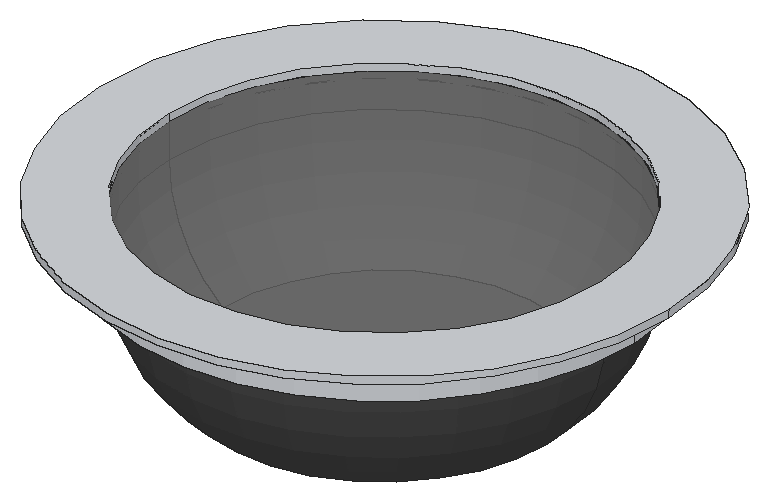
Revit family "3031801 Lighting Fixture_Sylvania_Syl-Lighter II_Ceiling Recessed", category Lighting Fixtures, host Face, Revit 2017
Family settings
  Host = Face
  Round Connector Dimension = Use Diameter
  Part Type = Normal
  OmniClass Number = 23.80.70.11.17
  OmniClass Title = Specialized Lighting by Location or Use
  Cut with Voids When Loaded = No
  Light Source = Yes
  Shared = No
  Room Calculation Point = No
Parameters (values of type "Syl-Lighter LED II 165 RO 12W NW")
  Weight = 0.45 kg
  Wattage = 11.494 W
  built-in parameter 1150110 = 1 (stored number, unit not read)
  Voltage Comments = "UNV (Universal Voltage; 220-240 Volt)"  # constant formula
  Voltage = 240 V  # constant formula
  URL = "http://www.sylvania-lighting.com"
  built-in parameter 1114217 = 1 (stored number, unit not read)
  Tilt Angle = -90.00°  # constant formula
  built-in parameter 1150109 = 1 (stored number, unit not read)
  built-in parameter 1150134 = 12
  Ta Rating = "-10°C to +40°C"  # constant formula
  built-in parameter 1150113 = 1 (stored number, unit not read)
  Recessed Depth = Height  # 45.0 mm
  IP Rating = "IP44"  # constant formula
  IK Rating = "IK07"  # constant formula
  Energy Class = "A++, A+, A"  # constant formula
  Dimmable = "DALI"  # constant formula
  Catalog Number = "3031801 Syl-Lighter LED II 165 RO 12W NW"
  Body Material = Metal_Sylvania_Syl-Lighter LED II_Silver
  Product Page URL = "http://www.sylvania-lighting.com/product/en-int/products/3031801"
  Product Family = "SYL-LIGHTER LED II"  # constant formula
  Photometry Comments = ""
  Photometric Web File = "3031801_Syl-Lighter165LED12WWW-182021.ies"
  built-in parameter 1150105 = 634.92 (stored number, unit not read)
  Lumens = 1134 lm
  built-in parameter 1150115 = 1 (stored number, unit not read)
  built-in parameter 1150137 = (empty or 0)
  built-in parameter 1150139 = (empty or 0)
  Life = "50 000h"  # constant formula
  built-in parameter 1150112 = 1 (stored number, unit not read)
  built-in parameter 1150114 = 1 (stored number, unit not read)
  Lamp Comments = "Integrated LED"
  built-in parameter 1150132 = 2
  built-in parameter 1150102 = (empty or 0)
  built-in parameter 1150107 = 4000 (stored number, unit not read)
  built-in parameter 1150138 = (empty or 0)
  built-in parameter 1150106 = 6.3492 (stored number, unit not read)
  Glow Wire Test = 650 °C  # constant formula
  Emit from Circle Diameter = Diffuser Diameter  # 125.0 mm
  Emit Shape Visible in Rendering = no
  built-in parameter 1150104 = 9.1658 (stored number, unit not read)
  Drive Current = "300mA"
  Dimming Lamp Color Temperature Shift = <None>
  Diffuser Radius = Diffuser Diameter / 2  # 62.5 mm
  Diffuser Diameter = Diameter - 20.0 mm  # 125.0 mm
  Inner Diameter = Diameter - 4.0 mm  # 141.0 mm
  Cutout Diameter = Diameter  # 145.0 mm
  Color Filter = 16777215
  Beam Angle = 74.00°
  built-in parameter 1114218 = 1 (stored number, unit not read)
  built-in parameter 1150133 = 10 (stored number, unit not read)
  Height = 45.0 mm
  Electrical Protection = "CLASS II"  # constant formula
  built-in parameter 1114216 [instance] = 1 (stored number, unit not read)
  Model = "Syl-Lighter LED II 165 RO 12W NW"
  Manufacturer = "Feilo Sylvania"  # constant formula
  Lamp = "LED"
  Diffuser Material = Polycarbonate_Sylvania_Syl-Lighter LED II_Opal
  Description = "Syl-Lighter LED II is available in 4 different round body sizes: 165mm, 195mm, 220mm & 240mm Syl-Lighter LED II 165 12W delivers a 1,134 lumen output (4,000K) - perfect for 1x26W CFL replacement Syl-Lighter LED II 195 15W delivers a 1,480 lumen output (4,000K) - perfect for 1x32W/2x18W CFL replacement Syl-Lighter LED II 220 21W delivers a 1,989 lumen output (4,000K) - perfect for 1x42W CFL replacement Syl-Lighter LED II 240 25W delivers a 2,289 lumen output (4,000K)- perfect for 2x26W CFL replacement High efficacy up to 99lm/W (Syl-Lighter LED II 195 4,000K) IP44 rating allows for installation in applicable wet zone areas Choice of 3,000K (warm white) or 4,000K (neutral white) Shallow recess depth of <65mm Can replace existing large CFL downlights using a 225mm ceiling cut out (Syl-Lighter LED II 240) Energy efficient electronic gear including analogue 1-10V and DALI dimmable options IK07 polycarbonate diffuser allows for a wider light distribution than a reflector downlight, allowing for increased spacings between luminaires 3 hour emergency pack available (to be ordered in addition to the luminaire) Ideal for applications such as corridors, public WCs and back of house areas Quick and easy to install Loop in-Loop out facility with red push fit terminal block for quick wiring White bezel (RAL 9003) Energy Class: A++, A+, A Long lifetime: 50,000 hours life at L70 (L80: 30,000 hours, L90: 15,000 hours)"  # constant formula
  Default Elevation = 0.0 mm
  built-in parameter 1140040 [instance] = 1
  Assembly Code = "D5020200"
  Apparent Load Comments = ""
  Apparent Load = 12 VA
  Accessory Radius = Accessory Diameter / 2  # 82.5 mm
  Accessory Material = Aluminum_Sylvania_Syl-Lighter LED II_White_RAL 9003
  Diameter = 145.0 mm
  Accessory Diameter = 165.0 mm
Reference planes
  plane 1 "Center (Front/Back)": y = 0
  plane 2: z = 0
  plane 3 "Center (Left/Right)": x = 0
  plane 4 "Fixture Bottom": z = 2
  plane 5: z = -10
  plane 6 "Fixture Top": z = -45
  plane 7: z = -2
Forms (mm)
  Extrusion 1, void
    sketch origin (0, 0, 58) x (-1, 0, 0) y (0, -1, 0)
      loop
        circle (0, 0) r 72.5
    from -171 to -55
  Extrusion 2, solid, detail levels fine
    sketch origin (0, 0, 58) x (-1, 0, 0) y (0, -1, 0)
      loop
        circle (0, 0) r 72.5
      loop
        circle (0, 0) r 70.5
    from -68 to -58
  Extrusion 3, solid, detail levels fine
    sketch origin (0, 0, 58) x (-1, 0, 0) y (0, -1, 0)
      loop
        circle (0, 0) r 82.5
      loop
        circle (0, 0) r 62.5
    from -58 to -56
  Extrusion 4, solid, material "Polycarbonate_Sylvania_Syl-Lighter LED II_Opal" <- "Diffuser Material", detail levels fine
    sketch origin (0, 0, 58) x (-1, 0, 0) y (0, -1, 0)
      loop
        circle (0, 0) r 62.5
    from -60 to -58
  Revolve 5, solid, material "Metal_Sylvania_Syl-Lighter LED II_Silver" <- "Body Material", detail levels fine
    sketch origin (0, 0, 0) x (1, 0, 0) y (0, 0, 1)
      loop
        line (-62.5, 0) -> (-64.5, 0) -> (-64.5, -10)
        arc (-64.5, -10) -> (-60.025, -29.455) -> (-47.5, -45) r 44.529
        line (-47.5, -45) -> (0, -45) -> (0, -43) -> (-46.799, -43)
        arc (-46.799, -43) -> (-58.375, -28.272) -> (-62.5, -10) r 42.529
        line (-62.5, -10) -> (-62.5, 0)
      axis (0, -45) -> (0, 0)
    angle from 0 to 360
  Revolve 6, solid, material "Aluminum_Sylvania_Syl-Lighter LED II_White_RAL 9003" <- "Accessory Material", detail levels coarse+medium
    sketch origin (0, 0, 0) x (1, 0, 0) y (0, 0, 1)
      loop
        line (-82.5, 2) -> (-82.5, 0) -> (-75, 0) -> (-75, -10) -> (-67, -10)
        arc (-67, -10) -> (-62.525, -29.455) -> (-50, -45) r 44.529
        line (-50, -45) -> (0, -45) -> (0, 2) -> (-82.5, 2)
      axis (0, 2) -> (0, -45)
    angle from 0 to 360
Cuts and joins
  joined: Extrusion 2, Extrusion 3
Lines and regions (mm)
  Masking region 1
    outline origin (0, 0, 58) x (-1, 0, 0) y (0, -1, 0)
      loop
        circle (0, 0) r 82.5
  symbolic lines, detail levels fine
    curve 1: arc (-62.5, 0, 58) -> (0, 62.5, 58) -> (62.5, 0, 58) r 62.5
    curve 2: arc (62.5, 0, 58) -> (0, -62.5, 58) -> (-62.5, 0, 58) r 62.5
Dimensions and locks
  locked: plane 4 "Fixture Bottom" to plane 2 at 2
  locked: plane 2 to plane 5 at 10
  "Height": plane 2 to plane 6 "Fixture Top"
  locked: plane 2 to plane 7 at 2
  "Diffuser Radius": plane 3 "Center (Left/Right)" to Revolve 5 sketch curve
  locked: Revolve 5 sketch curve to Revolve 5 sketch curve at 2
  locked: Revolve 5 sketch curve to Revolve 5 sketch curve at 15
  "Accessory Radius": plane 3 "Center (Left/Right)" to Revolve 6 sketch curve
  Revolve 6 sketch curve to Revolve 6 sketch curve to Revolve 6 sketch curve to Revolve 6 sketch curve = 7.5 mm locked, 8.0 mm locked, 17.0 mm locked
  "Cutout Diameter": diameter of Extrusion 1 sketch curve
  "Diameter": diameter of Extrusion 2 sketch curve
  "Inner Diameter": diameter of Extrusion 2 sketch curve
  "Accessory Diameter": diameter of Extrusion 3 sketch curve
  "Diffuser Diameter": diameter of Extrusion 3 sketch curve
  "Diffuser Diameter": diameter of Extrusion 4 sketch curve
  "Accessory Diameter": diameter of Masking region 1 sketch curve
  aligned and locked: host face to plane 2
  aligned and locked: host face to level
  aligned and locked: plane 4 "Fixture Bottom" to Extrusion 3
  aligned and locked: Extrusion 3 to plane 2
  aligned and locked: Extrusion 2 to plane 5
  aligned and locked: plane 2 to Extrusion 2
  aligned and locked: Extrusion 4 to plane 7
  aligned and locked: plane 2 to Extrusion 4
  aligned and locked: Revolve 5 sketch curve to plane 2
  aligned and locked: plane 5 to Revolve 5 sketch curve  (x2)
  aligned and locked: Revolve 5 sketch curve to plane 3 "Center (Left/Right)"
  aligned and locked: plane 3 "Center (Left/Right)" to Revolve 5 sketch curve
  aligned and locked: Revolve 6 sketch curve to plane 5
  aligned and locked: Revolve 6 sketch curve to plane 2
  aligned and locked: Revolve 6 sketch curve to plane 4 "Fixture Bottom"
  aligned and locked: plane 3 "Center (Left/Right)" to Revolve 6 sketch curve
  aligned and locked: Revolve 6 sketch curve to plane 3 "Center (Left/Right)"
  aligned and locked: plane 3 "Center (Left/Right)" to imposter light
  aligned and locked: imposter light to plane 1 "Center (Front/Back)"
  aligned and locked: imposter light to plane 4 "Fixture Bottom"
  aligned and locked: curve 1 to cut or joined group of Extrusion 2, Extrusion 3
Automatic sketch dimensions
  host sketch curve to host sketch curve = 700.0 mm
  host sketch curve to host sketch curve = 620.0 mm
  plane 1 "Center (Front/Back)" to Extrusion 1 sketch curve = 0.0 mm
  Extrusion 1 sketch curve to plane 3 "Center (Left/Right)" = 0.0 mm
  Extrusion 2 sketch curve to Extrusion 2 sketch curve = 0.0 mm  (x2)
  plane 1 "Center (Front/Back)" to Extrusion 2 sketch curve = 0.0 mm
  Extrusion 2 sketch curve to plane 3 "Center (Left/Right)" = 0.0 mm
  Extrusion 3 sketch curve to Extrusion 3 sketch curve = 0.0 mm  (x2)
  plane 1 "Center (Front/Back)" to Extrusion 3 sketch curve = 0.0 mm
  Extrusion 3 sketch curve to plane 3 "Center (Left/Right)" = 0.0 mm
  plane 1 "Center (Front/Back)" to Extrusion 4 sketch curve = 0.0 mm
  Extrusion 4 sketch curve to plane 3 "Center (Left/Right)" = 0.0 mm
  Revolve 5 sketch curve to Revolve 5 sketch curve = 0.0 mm
  Revolve 5 sketch curve to plane 6 "Fixture Top" = 0.0 mm
  plane 6 "Fixture Top" to Revolve 5 sketch curve = 2.0 mm
  Revolve 5 sketch curve to Revolve 5 sketch curve = 17.111 mm
  plane 4 "Fixture Bottom" to Revolve 5 sketch curve = 20.889 mm
  Revolve 6 sketch curve to plane 6 "Fixture Top" = 0.0 mm
  Revolve 6 sketch curve to plane 6 "Fixture Top" = 63.885 mm
  Revolve 6 sketch curve to Revolve 6 sketch curve = 84.115 mm
  plane 1 "Center (Front/Back)" to Masking region 1 sketch curve = 0.0 mm
  Masking region 1 sketch curve to plane 3 "Center (Left/Right)" = 0.0 mm
Connectors
  electrical at (0, 0, -45), driven by "Apparent Load", driven by "Voltage"
    settings: on Revolve 5, index 1, voltage 240 V, apparent load 0 VA, apparent load phase1 12 VA, apparent load phase2 0 VA, apparent load phase3 0 VA, power factor 1, load classification "Lighting", number of poles 1, system type 31, power factor state 1, is connector primary yes, connector utility no, sub classification motor no, connector description ""
